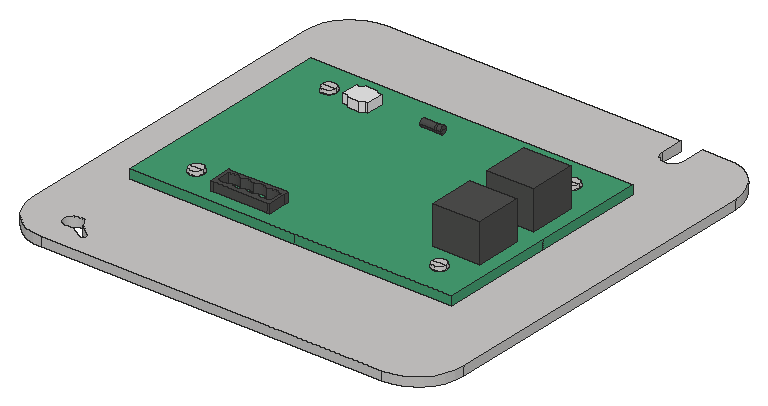
Revit family "3468A_NX_Contact_Closure_Interface", category Communication Devices, host Face, Revit 2014
Parameters
  White Element = Glass, White, High Luminance
  Warranty = "5-Years Warranty"  # constant formula
  Voltage = 24 V
  Type Comments = "NX Contact closure Interface"  # constant formula
  Steel = Metal-Hubbell-Galvanized_Steel
  Product Page URL = "https://www.hubbell.com/hubbellcontrolsolutions/en/Products/Lighting-Controls/Lighting-Controls-Sensors/NX-Distributed-Intelligence-Lighting-Controls/NX-Contact-Closure-Interface/p/2278207"
  Product Documentation Link = "https://hubbellcdn.com/specsheet/3468A_NX_Contact_Closure_Interface_Specification_Sheet.pdf"
  URL = "https://www.hubbell.com/hubbellcontrolsolutions/en"
  Model = "NX Contact closure Interface"  # constant formula
  Manufacturer = "Hubbell Control Solutions"  # constant formula
  Green Element = Plastic - Hubbell - Green
  Features = "• Mounts to standard 4 11/16” junction box, Raco #257 or similar\r\n(not supplied)\r\n• Removable terminal block for input connection\r\n• Connects to and is powered by NXSP SmartPORT™\r\n• Functions include: On/Off (standard), toggle On/Off, preset, raise,\r\nlower, timed On\r\n• Pilot light output terminals\r\n• Low voltage device: 24 VDC"
  Description = " NX Contact Closure Interface allows third party devices to\r\nprovide dry contact inputs to an NX distributed control system. "  # constant formula
  Default Elevation = 48.00"
  Create Date = "10/15/2018"
  Copyright = "Copyright © 2018 Hubbell Control Solutions"  # constant formula
  Contact Us = "https://www.hubbell.com/hubbellcontrolsolutions/en/contactUs?productId=2278207"
  Black Material = Paint - Hubbell - Black Matte Textured
  Assembly Code = "D5090"
  Apparent Load = 0 VA
Reference planes (in)
  plane 1 "Center (Front/Back)": y = 11.68155
  plane 2: z = 0
  plane 3 "Center (Left/Right)": x = 0
  plane 4: z = 1.38
  plane 5: x = 2.38
  plane 6: x = -2.38
  plane 7: y = 14.06155
  plane 8: y = 9.30155
Forms (in)
  Extrusion 1, solid, material "Metal-Hubbell-Galvanized_Steel" <- "Steel"
    sketch origin (0, 0, 0) x (1, 0, 0) y (0, 1, 0)
      loop
        line (-1.88, 9.30155) -> (1.88, 9.30155)
        arc (1.88, 9.30155) -> (2.23355, 9.448) -> (2.38, 9.80155) r 0.5
        line (2.38, 9.80155) -> (2.38, 13.56155)
        arc (2.38, 13.56155) -> (2.23355, 13.91511) -> (1.88, 14.06155) r 0.5
        line (1.88, 14.06155) -> (1.61769, 14.06155) -> (1.61769, 13.81155)
        arc (1.61769, 13.81155) -> (1.49269, 13.68655) -> (1.36769, 13.81155) r 0.125
        line (1.36769, 13.81155) -> (1.36769, 14.06155) -> (-1.88, 14.06155)
        arc (-1.88, 14.06155) -> (-2.23355, 13.91511) -> (-2.38, 13.56155) r 0.5
        line (-2.38, 13.56155) -> (-2.38, 9.80155)
        arc (-2.38, 9.80155) -> (-2.23355, 9.448) -> (-1.88, 9.30155) r 0.5
      loop
        arc (-1.73425, 9.67849) -> (-1.92135, 9.72883) -> (-1.77598, 9.60074) r 0.09949
        line (-1.77598, 9.60074) -> (-1.64496, 9.51237)
        arc (-1.64496, 9.51237) -> (-1.58402, 9.52421) -> (-1.59586, 9.58515) r 0.0439
        line (-1.59586, 9.58515) -> (-1.73425, 9.67849)
    from 0.1 to 0
  Extrusion 2, solid, material "Plastic - Hubbell - Green" <- "Green Element"
    sketch origin (0, 0, 0) x (1, 0, 0) y (0, 1, 0)
      loop
        line (-1.8125, 12.93155) -> (-1.8125, 11.68155) -> (-1.8125, 10.43155) -> (0, 10.43155) -> (1.75, 10.43155) -> (1.75, 11.68155) -> (1.75, 12.93155) -> (0, 12.93155) -> (-1.8125, 12.93155)
    from 0.3 to 0.2
  Revolve 3, solid, material "Metal-Hubbell-Galvanized_Steel" <- "Steel"
    sketch origin (0, 12.59795, 0) x (1, 0, 0) y (0, 0, 1)
      loop
        line (-1.34349, 0.33405) -> (-1.34349, 0) -> (-1.22734, 0) -> (-1.22734, 0.08365) -> (-1.22734, 0.12718) -> (-1.26074, 0.16058) -> (-1.26074, 0.2) -> (-1.26074, 0.2594) -> (-1.26074, 0.3) -> (-1.26987, 0.33405) -> (-1.34349, 0.33405)
      axis (-1.34349, 0.33405) -> (-1.34349, 0)
    angle from 0 to 360
  Revolve 4, solid, material "Metal-Hubbell-Galvanized_Steel" <- "Steel"
    sketch origin (0, 10.76516, 0) x (1, 0, 0) y (0, 0, -1)
      loop
        line (-1.34349, -0.33405) -> (-1.26987, -0.33405) -> (-1.26074, -0.3) -> (-1.26074, -0.2594) -> (-1.26074, -0.2) -> (-1.26074, -0.16058) -> (-1.22734, -0.12718) -> (-1.22734, -0.08365) -> (-1.22734, 0) -> (-1.34349, 0) -> (-1.34349, -0.33405)
      axis (-1.34349, -0.33405) -> (-1.34349, 0)
    angle from 0 to 360
  Revolve 5, solid, material "Metal-Hubbell-Galvanized_Steel" <- "Steel"
    sketch origin (0, 12.59795, 0) x (-1, 0, 0) y (0, 0, -1)
      loop
        line (-1.34349, -0.33405) -> (-1.26987, -0.33405) -> (-1.26074, -0.3) -> (-1.26074, -0.2594) -> (-1.26074, -0.2) -> (-1.26074, -0.16058) -> (-1.22734, -0.12718) -> (-1.22734, -0.08365) -> (-1.22734, 0) -> (-1.34349, 0) -> (-1.34349, -0.33405)
      axis (-1.34349, -0.33405) -> (-1.34349, 0)
    angle from 0 to 360
  Revolve 6, solid, material "Metal-Hubbell-Galvanized_Steel" <- "Steel"
    sketch origin (0, 10.76516, 0) x (-1, 0, 0) y (0, 0, 1)
      loop
        line (-1.34349, 0.33405) -> (-1.34349, 0) -> (-1.22734, 0) -> (-1.22734, 0.08365) -> (-1.22734, 0.12718) -> (-1.26074, 0.16058) -> (-1.26074, 0.2) -> (-1.26074, 0.2594) -> (-1.26074, 0.3) -> (-1.26987, 0.33405) -> (-1.34349, 0.33405)
      axis (-1.34349, 0.33405) -> (-1.34349, 0)
    angle from 0 to 360
  Extrusion 7, solid, material "Paint - Hubbell - Black Matte Textured" <- "Black Material"
    sketch origin (0, 0, 0) x (1, 0, 0) y (0, 1, 0)
      loop
        line (1.07477, 12.26881) -> (1.07477, 11.75081) -> (1.59142, 11.75081) -> (1.59142, 12.26881) -> (1.07477, 12.26881)
      loop
        line (1.07477, 11.51881) -> (1.07477, 11.00717) -> (1.59142, 11.00717) -> (1.59142, 11.51881) -> (1.07477, 11.51881)
    from 0.72 to 0.3
  Extrusion 8, solid, material "Paint - Hubbell - Black Matte Textured" <- "Black Material"
    sketch origin (0, 0, 0) x (1, 0, 0) y (0, 1, 0)
      loop
        line (-1.00063, 10.82725) -> (-1.03163, 10.82725) -> (-1.03163, 10.76408) -> (-1.03163, 10.57725) -> (-1.00063, 10.57725) -> (-0.41001, 10.57725) -> (-0.37901, 10.57725) -> (-0.37901, 10.76408) -> (-0.37901, 10.82725) -> (-0.41001, 10.82725) -> (-1.00063, 10.82725)
      loop
        line (-1.00063, 10.76408) -> (-1.00063, 10.64042)
        arc (-1.00063, 10.64042) -> (-0.92719, 10.61013) -> (-0.85375, 10.64042) r 0.10418
        arc (-0.85375, 10.64042) -> (-0.78031, 10.61013) -> (-0.70687, 10.64042) r 0.10418
        arc (-0.70687, 10.64042) -> (-0.63344, 10.61013) -> (-0.56, 10.64042) r 0.10418
        arc (-0.56, 10.64042) -> (-0.48432, 10.61016) -> (-0.41001, 10.64365) r 0.10418
        line (-0.41001, 10.64365) -> (-0.41001, 10.76085)
        arc (-0.41001, 10.76085) -> (-0.48432, 10.79434) -> (-0.56, 10.76408) r 0.10418
        arc (-0.56, 10.76408) -> (-0.63344, 10.79436) -> (-0.70687, 10.76408) r 0.10418
        arc (-0.70687, 10.76408) -> (-0.78031, 10.79436) -> (-0.85375, 10.76408) r 0.10418
        arc (-0.85375, 10.76408) -> (-0.92719, 10.79436) -> (-1.00063, 10.76408) r 0.10418
    from 0.4 to 0.3
  Revolve 9, solid, material "Paint - Hubbell - Black Matte Textured" <- "Black Material"
    sketch origin (0, 0, 0.36102) x (1, 0, 0) y (0, 1, 0)
      loop
        line (-0.28655, 12.57268) -> (-0.06105, 12.57268) -> (-0.06105, 12.61114) -> (-0.10469, 12.61114)
        arc (-0.10469, 12.61114) -> (-0.11469, 12.60114) -> (-0.12469, 12.61114) r 0.01
        line (-0.12469, 12.61114) -> (-0.28655, 12.61114) -> (-0.28655, 12.57268)
      axis (-0.28655, 12.57268) -> (-0.06105, 12.57268)
    angle from 0 to 360
  Extrusion 10, solid, material "Glass, White, High Luminance" <- "White Element"
    sketch origin (0, 0, 0) x (1, 0, 0) y (0, 1, 0)
      loop
        line (-1.02758, 12.70579) -> (-1.05963, 12.67374) -> (-1.09956, 12.67374) -> (-1.09956, 12.48784) -> (-1.05963, 12.48784) -> (-1.02758, 12.45579) -> (-0.89728, 12.45579) -> (-0.86523, 12.48784) -> (-0.8253, 12.48784) -> (-0.8253, 12.67374) -> (-0.86523, 12.67374) -> (-0.89728, 12.70579) -> (-1.02758, 12.70579)
    from 0.4 to 0.3
Dimensions and locks (in)
  aligned and locked: plane 2 to host face
  aligned and locked: level to host face
  aligned and locked: Extrusion 8 to Extrusion 2
  aligned and locked: Extrusion 7 to Extrusion 2
